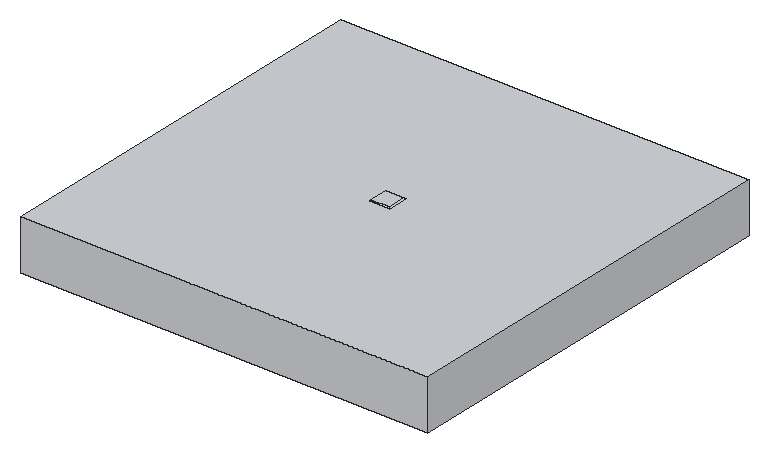
Revit family "a00a261cda304501a31d0b550ebf1434", category Fire Alarm Devices, host Face, Revit 2021
Family settings
  Host = Face
  Maintain Annotation Orientation = Yes
  Round Connector Dimension = Use Diameter
  Part Type = Normal
  OmniClass Number = 23.85.30.21.11.17
  OmniClass Title = Other Components
  Seek Item ID = Addressable Input Module-0000-USA-ENU
  Cut with Voids When Loaded = No
  Shared = No
  Room Calculation Point = No
Parameters (values of type "Standard")
  Width 2 = 0' - 4"
  Material = none
  Surface Width = 0' - 4 7/8"
  Depth 2 = 0' - 2"
  Depth 1 = 0' - 0 1/4"
  Radius 1 = 0' - 0 1/2"
  Label = "AIM"
  Height 2 = 0' - 4"
  Surface Height = 0' - 4 7/8"
  Default Elevation = 1' - 6"
  Assembly Code = ""
Reference planes (in)
  plane 1 "Center (Front/Back)": y = 0
  plane 2: z = 0
  plane 3 "Center (Left/Right)": x = 0
  plane 4 "Left Inside": x = -2
  plane 5 "Right Inside": x = 2
  plane 6 "Top Inside": y = 2
  plane 7 "Bottom Inside": y = -2
  plane 8 "Right Outside": x = 2.18604
  plane 9 "Top Outside": y = 2.4375
  plane 10 "Bottom Outside": y = -2.4375
  plane 11 "Front": z = 0.25
  plane 12 "Back": z = -2
  plane 13: y = 2.1875
  plane 14: y = -2.1875
  plane 15: x = -2.19886
  plane 16: x = 2.4375
  plane 17: x = -0.5
  plane 18: x = 0.5
  plane 19: x = -2.4375
Forms (in)
  Extrusion 1, solid
    sketch origin (0, 0, 0) x (1, 0, 0) y (0, 1, 0)
      loop
        line (-49.63881, 48) -> (-49.63881, -48) -> (48, -48) -> (48, 48) -> (-49.63881, 48)
    from 0 to -12
  Extrusion 2, solid, material <- "Material"
    sketch origin (0, 0, 0) x (1, 0, 0) y (0, 1, 0)
      loop
        line (-2, 2) -> (-2, -2) -> (2, -2) -> (2, 2) -> (-2, 2)
    from 0 to -2
  Blend 3, solid, material <- "Material"
    base sketch origin (0, 0, 0) x (1, 0, 0) y (0, 1, 0)
      loop
        line (-2.4375, 2.4375) -> (-2.4375, -2.4375) -> (2.4375, -2.4375) -> (2.4375, 2.4375) -> (-2.4375, 2.4375)
    top sketch origin (0, 0, 0) x (1, 0, 0) y (0, 1, 0)
      loop
        line (-2.19886, 2.1875) -> (-2.19886, -2.1875) -> (2.18604, -2.1875) -> (2.18604, 2.1875) -> (-2.19886, 2.1875)
    from 0 to 0.25
Lines and regions (in)
  symbolic lines, detail levels fine
    curve 1: line (-2, 0, 0) -> (-2, 0, -2)
    curve 2: line (-2, 0, -2) -> (2, 0, -2)
    curve 3: line (2, 0, -2) -> (2, 0, 0)
    curve 4: line (-2.4375, 0, 0) -> (2.4375, 0, 0)
    curve 5: line (-2.19886, 0, 0.25) -> (-2.4375, 0, 0)
    curve 6: line (2.4375, 0, 0) -> (2.18604, 0, 0.25)
    curve 7: line (2.18604, 0, 0.25) -> (-2.19886, 0, 0.25)
Dimensions and locks (in)
  equal spacing: plane 4 "Left Inside", plane 3 "Center (Left/Right)", plane 5 "Right Inside"
  "Width 2": plane 4 "Left Inside" to plane 5 "Right Inside"
  equal spacing: plane 6 "Top Inside", plane 1 "Center (Front/Back)", plane 7 "Bottom Inside"
  "Height 2": plane 6 "Top Inside" to plane 7 "Bottom Inside"
  equal spacing: plane 9 "Top Outside", plane 1 "Center (Front/Back)", plane 10 "Bottom Outside"
  "Surface Height": plane 9 "Top Outside" to plane 10 "Bottom Outside"
  "Depth 1": plane 11 "Front" to plane 2
  "Depth 2": plane 2 to plane 12 "Back"
  locked: plane 8 "Right Outside" to plane 16 at 0.25146
  locked: plane 14 to plane 10 "Bottom Outside" at 0.25
  locked: plane 9 "Top Outside" to plane 13 at 0.25
  equal spacing: plane 18, plane 3 "Center (Left/Right)", plane 17
  "Radius 1": plane 3 "Center (Left/Right)" to plane 17
  locked: plane 19 to plane 15 at 0.23864
  equal spacing: plane 19, plane 3 "Center (Left/Right)", plane 16
  "Surface Width": plane 19 to plane 16
  aligned and locked: plane 2 to Extrusion 1
  aligned and locked: level to Extrusion 1
  aligned and locked: plane 4 "Left Inside" to Extrusion 2 sketch curve
  aligned and locked: Extrusion 2 sketch curve to plane 6 "Top Inside"
  aligned and locked: plane 7 "Bottom Inside" to Extrusion 2 sketch curve
  aligned and locked: Extrusion 2 sketch curve to plane 5 "Right Inside"
  aligned and locked: Extrusion 2 to plane 12 "Back"
  aligned and locked: plane 10 "Bottom Outside" to Blend 3 sketch curve
  aligned and locked: Blend 3 sketch curve to plane 16
  aligned and locked: Blend 3 sketch curve to plane 9 "Top Outside"
  aligned and locked: Blend 3 sketch curve to plane 13
  aligned and locked: plane 15 to Blend 3 sketch curve
  aligned and locked: plane 14 to Blend 3 sketch curve
  aligned and locked: Blend 3 sketch curve to plane 8 "Right Outside"
  aligned and locked: plane 11 "Front" to Blend 3
  aligned and locked: Blend 3 to plane 2
  aligned and locked: curve 1 to Extrusion 2
  aligned and locked: curve 2 to Extrusion 2
  aligned and locked: curve 3 to Extrusion 2
  aligned and locked: curve 4 to Blend 3
  aligned and locked: curve 5 to Blend 3
  aligned and locked: curve 6 to Blend 3
  aligned and locked: curve 7 to Blend 3
  aligned and locked: plane 19 to Blend 3 sketch curve
  aligned and locked: plane 1 "Center (Front/Back)" to nested 1
  aligned and locked: plane 3 "Center (Left/Right)" to nested 1
Automatic sketch dimensions
  Extrusion 1 sketch curve to Extrusion 1 sketch curve = 8' - 1.63881"
  Extrusion 1 sketch curve to Extrusion 1 sketch curve = 8' - 0"
Nested families (in)
  nested 1: "Addressable Module Annotation" at (0, 0, 0), type "Addressable Module Annotation", detail levels coarse+medium
Connectors (in)
  electrical at (0, 2, -1)
    settings: on Extrusion 2, index 1, voltage 0 V, apparent load 0 VA, apparent load phase1 0 VA, apparent load phase2 0 VA, apparent load phase3 0 VA, power factor 0, load classification "Other", number of poles 1, system type 11, power factor state 1, is connector primary yes, connector utility no, sub classification motor no, connector description ""
Definition of nested family "Addressable Module Annotation"
  Parameters
    Label Annotation = "AIM"
  Reference planes (in)
    plane 1: y = 0
    plane 2: x = 0
  Lines and regions (in)
    reference lines
      curve 1: line (-0.38509, 0.0625, 0) -> (0.52289, 0.0625, 0)
    detail lines
      curve 2: circle (0, 0.0625, 0) r 0.0625 normal (0, 0, 1)
  Text (in)
    label "AIM" at (0.05152, -0.00273, 0), shows "Label Annotation"
  Dimensions and locks (in)
    locked: plane 1 to curve 1 at 0.0625
    radius of curve 2 = 0' - 0 1/16"
    aligned and locked: curve 1 to curve 2
    aligned and locked: plane 2 to curve 2
